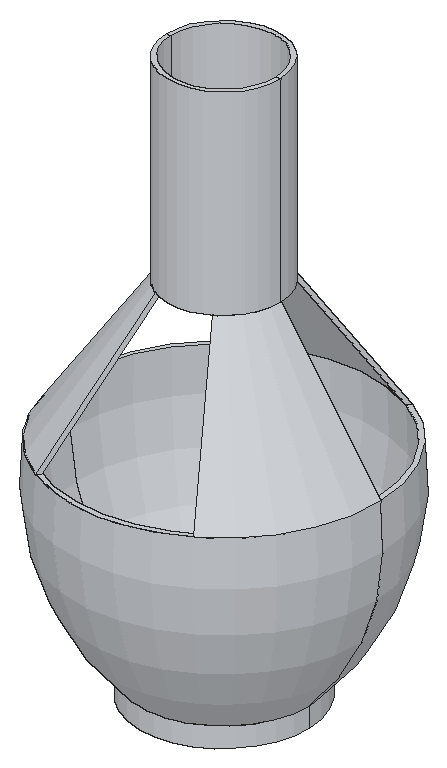
Revit family "MI-CAG", category Pipe Accessories, Revit 2018
Family settings
  Round Connector Dimension = Use Diameter
  Part Type = Normal
  Work Plane-Based = No
  Always vertical = Yes
  Cut with Voids When Loaded = No
  Shared = No
Parameters (values of type "MI-CAG-30NH")
  URL = "WWW.MIFAB.COM"
  Model = "MI-CAG"
  Manufacturer = "MIFAB"
  MI-CAG-30NH = yes
  MI-CAG-20T = no
  MI-CAG-20NH = no
  MI-CAG-15T = no
  MI-CAG-10T = no
  Description = "CAST IRON FIXED AIR GAP"
  B-OUTLET = 0' - 1"
  A-INLET = 0' - 0 3/4"
Types (6): name | URL | Model | Manufacturer | MI-CAG-30NH | MI-CAG-20T | MI-CAG-20NH | MI-CAG-15T | MI-CAG-10T | Description
  (no name) | "WWW.MIFAB.COM" | "MI-CAG" | "MIFAB" | yes | no | no | no | no | "CAST IRON FIXED AIR GAP"
  MI-CAG-10T | 0' - 0" | "MI-CAG-10T" | 0' - 0" | no | no | no | no | yes | 0' - 0"
  MI-CAG-15T | 0' - 0" | "MI-CAG-15T" | 0' - 0" | no | no | no | yes | no | 0' - 0"
  MI-CAG-20T | 0' - 0" | "MI-CAG-10T" | 0' - 0" | no | yes | no | no | no | 0' - 0"
  MI-CAG-20NH | 0' - 0" | "MI-CAG-10T" | 0' - 0" | no | no | yes | no | no | 0' - 0"
  MI-CAG-30NH | "WWW.MIFAB.COM" | "MI-CAG" | "MIFAB" | yes | no | no | no | no | "CAST IRON FIXED AIR GAP"
Reference planes (in)
  plane 1 "Center (Front/Back)": y = 0
  plane 2: z = 0
  plane 3 "Center (Left/Right)": x = 0
  plane 4: x = -0.375
  plane 5: x = 0.375
  plane 6: x = -0.5
  plane 7: x = 0.5
Lines and regions (in)
  model lines, not visible
    curve 1: line (1.54379, 0, 1.54416) -> (1.54379, 0, 2.04416)
    curve 2: line (1.54379, 0, 2.04416) -> (4.79379, 0, 2.04416)
    curve 3: line (4.79379, 0, 2.04416) -> (4.79379, 0, 1.54416)
Dimensions and locks (in)
  equal spacing: plane 4, plane 3 "Center (Left/Right)", plane 5
  "A-INLET": plane 4 to plane 5
  equal spacing: plane 7, plane 3 "Center (Left/Right)", plane 6
  "B-OUTLET": plane 7 to plane 6
  aligned and locked: level to plane 2
  aligned and locked: plane 1 "Center (Front/Back)" to nested 1
  aligned and locked: plane 3 "Center (Left/Right)" to nested 1
Nested families (in)
  nested 1: "MI-CAG-10T" at (0, 0, 0), visible <- "MI-CAG-10T", type "MI-CAG-10T"
  nested 2: "MI-CAG-15T" at (0, 0, 0), visible <- "MI-CAG-15T", type "MI-CAG-15T"
  nested 3: "MI-CAG-20NH" at (0, 0, 0), visible <- "MI-CAG-20NH", type "MI-CAG-20NH"
  nested 4: "MI-CAG-20T" at (0, 0, 0), visible <- "MI-CAG-20T", type "MI-CAG-20T"
  nested 5: "MI-CAG-30NH" at (0, 0, 0), visible <- "MI-CAG-30NH", type "MI-CAG-30NH"
Connectors (in)
  piping at (0, 0, 4.75), diameter 0.5
    settings: on nested 1, index 1, connector inside diameter 609.6 mm, connector length 0' - 0", flow factor 0, pipe flow 0.0 L/s, pressure drop 0.0 Pa, fitting loss kfactor 0, connector angle 0.00°, fixture units 0, engagement length 0' - 0", angle of deflection 0.00°, flow configuration 0, flow direction 0, fitting loss method 0, system type 7, joint type 0, gender type 0, connector reference index -1, connector utility 0, adjustable connector no, is connector primary yes, connector description ""
  piping at (0, 0, 0), diameter 1, driven by "B-OUTLET"
    settings: on nested 1, index 2, connector inside diameter 609.6 mm, connector length 0' - 0", flow factor 0, pipe flow 0.0 L/s, pressure drop 0.0 Pa, fitting loss kfactor 0, connector angle 0.00°, fixture units 0, engagement length 0' - 0", angle of deflection 0.00°, flow configuration 0, flow direction 0, fitting loss method 0, system type 7, joint type 0, gender type 0, connector reference index -1, connector utility 0, adjustable connector no, is connector primary no, connector description ""
  piping at (0, 0, 5.5), diameter 0.75
    settings: on nested 2, index 3, connector inside diameter 609.6 mm, connector length 0' - 0", flow factor 0, pipe flow 0.0 L/s, pressure drop 0.0 Pa, fitting loss kfactor 0, connector angle 0.00°, fixture units 0, engagement length 0' - 0", angle of deflection 0.00°, flow configuration 0, flow direction 0, fitting loss method 0, system type 7, joint type 0, gender type 0, connector reference index -1, connector utility 0, adjustable connector no, is connector primary no, connector description ""
  piping at (0, 0, 0), diameter 1.5
    settings: on nested 2, index 4, connector inside diameter 609.6 mm, connector length 0' - 0", flow factor 0, pipe flow 0.0 L/s, pressure drop 0.0 Pa, fitting loss kfactor 0, connector angle 0.00°, fixture units 0, engagement length 0' - 0", angle of deflection 0.00°, flow configuration 0, flow direction 0, fitting loss method 0, system type 7, joint type 0, gender type 0, connector reference index -1, connector utility 0, adjustable connector no, is connector primary no, connector description ""
  piping at (0, 0, 8), diameter 1
    settings: on nested 4, index 5, connector inside diameter 609.6 mm, connector length 0' - 0", flow factor 0, pipe flow 0.0 L/s, pressure drop 0.0 Pa, fitting loss kfactor 0, connector angle 0.00°, fixture units 0, engagement length 0' - 0", angle of deflection 0.00°, flow configuration 0, flow direction 0, fitting loss method 0, system type 7, joint type 0, gender type 0, connector reference index -1, connector utility 0, adjustable connector no, is connector primary no, connector description ""
  piping at (0, 0, 0), diameter 2
    settings: on nested 4, index 6, connector inside diameter 609.6 mm, connector length 0' - 0", flow factor 0, pipe flow 0.0 L/s, pressure drop 0.0 Pa, fitting loss kfactor 0, connector angle 0.00°, fixture units 0, engagement length 0' - 0", angle of deflection 0.00°, flow configuration 0, flow direction 0, fitting loss method 0, system type 7, joint type 0, gender type 0, connector reference index -1, connector utility 0, adjustable connector no, is connector primary no, connector description ""
  piping at (0, 0, 10), diameter 1.5
    settings: on nested 3, index 7, connector inside diameter 609.6 mm, connector length 0' - 0", flow factor 0, pipe flow 0.0 L/s, pressure drop 0.0 Pa, fitting loss kfactor 0, connector angle 0.00°, fixture units 0, engagement length 0' - 0", angle of deflection 0.00°, flow configuration 0, flow direction 0, fitting loss method 0, system type 7, joint type 0, gender type 0, connector reference index -1, connector utility 0, adjustable connector no, is connector primary no, connector description ""
  piping at (0, 0, 0), diameter 2
    settings: on nested 3, index 8, connector inside diameter 609.6 mm, connector length 0' - 0", flow factor 0, pipe flow 0.0 L/s, pressure drop 0.0 Pa, fitting loss kfactor 0, connector angle 0.00°, fixture units 0, engagement length 0' - 0", angle of deflection 0.00°, flow configuration 0, flow direction 0, fitting loss method 0, system type 7, joint type 0, gender type 0, connector reference index -1, connector utility 0, adjustable connector no, is connector primary no, connector description ""
  piping at (0, 0, 10), diameter 2
    settings: on nested 5, index 9, connector inside diameter 609.6 mm, connector length 0' - 0", flow factor 0, pipe flow 0.0 L/s, pressure drop 0.0 Pa, fitting loss kfactor 0, connector angle 0.00°, fixture units 0, engagement length 0' - 0", angle of deflection 0.00°, flow configuration 0, flow direction 0, fitting loss method 0, system type 7, joint type 0, gender type 0, connector reference index -1, connector utility 0, adjustable connector no, is connector primary no, connector description ""
  piping at (0, 0, 0), diameter 3
    settings: on nested 5, index 10, connector inside diameter 609.6 mm, connector length 0' - 0", flow factor 0, pipe flow 0.0 L/s, pressure drop 0.0 Pa, fitting loss kfactor 0, connector angle 0.00°, fixture units 0, engagement length 0' - 0", angle of deflection 0.00°, flow configuration 0, flow direction 0, fitting loss method 0, system type 7, joint type 0, gender type 0, connector reference index -1, connector utility 0, adjustable connector no, is connector primary no, connector description ""
Definition of nested family "MI-CAG-10T"
  Parameters (values of type "MI-CAG-10T")
    URL = "WWW.MIFAB.COM"
    N.P.T Outlet Pipe Size = 0' - 1"
    Model = "MI-CAG-10T"
    Manufacturer = "MIFAB"
    Inlet Top Height = 0' - 0.35433"
    Top Inlet Pipe Size = 0' - 0 1/2"
    E-Height = 0' - 2"
    Description = "CAST IRON FIXED AIR GAP"
    D-Total Height = 0' - 4 3/4"
    C-Diameter = 0' - 3 1/4"
  Reference planes (in)
    plane 1 "Center (Front/Back)": y = 0
    plane 2: z = 0
    plane 3 "Center (Left/Right)": x = 0
    plane 4: z = 4.75
    plane 5: z = 0.35433
    plane 6: z = 4.39567
    plane 7 "1": z = 2.39567
    plane 8: x = 0.5
    plane 9: x = -0.5
    plane 10: x = 0.4171
    plane 11: x = 0.25
    plane 12: x = -0.25
    plane 13: x = 0.16797
    plane 14: x = 1.625
    plane 15: x = 1.53968
    plane 16: x = -1.625
    plane 17: x = 1.625
    plane 18: x = -1.625
  Forms (in)
    Revolve 1, solid
      sketch origin (0, 0, 4.39567) x (1, 0, 0) y (0, 0, 1)
        loop
          line (0.16797, 0.35433) -> (0.16797, 0) -> (0.25, 0) -> (0.25, 0.35433) -> (0.16797, 0.35433)
        axis (0, 0) -> (0, 0.35433)
      angle from 0 to 360
    Revolve 2, solid
      sketch origin (0, 0, 0) x (1, 0, 0) y (0, 0, 1)
        loop
          arc (0.5, 0.35433) -> (1.36218, 1.20984) -> (1.625, 2.39567) r 2.15569
          line (1.625, 2.39567) -> (1.53968, 2.39567)
          arc (1.53968, 2.39567) -> (1.27737, 1.23252) -> (0.4171, 0.40689) r 2.07057
          line (0.4171, 0.40689) -> (0.4171, 0) -> (0.5, 0) -> (0.5, 0.35433)
        axis (0, 0) -> (0, 2.39567)
      angle from 0 to 360
    Revolve 3, solid
      sketch origin (0, 0, 4.79134) x (1, 0, 0) y (0, 0, -1)
        loop
          line (1.625, 2.39567) -> (1.53876, 2.39567) -> (0.16376, 0.39567) -> (0.25, 0.39567) -> (1.625, 2.39567)
        axis (0, 0.39567) -> (0, 2.39567)
      angle from 0 to -60
    Revolve 4, solid
      sketch origin (0, 0, 4.79134) x (-0.5, 0.866025, 0) y (0, 0, 1)
        loop
          line (1.625, -2.39567) -> (0.25, -0.39567) -> (0.16376, -0.39567) -> (1.53876, -2.39567) -> (1.625, -2.39567)
        axis (0, -0.39567) -> (0, -2.39567)
      angle from 0 to -60
    Revolve 5, solid
      sketch origin (0, 0, 4.79134) x (-0.5, -0.866025, 0) y (0, 0, 1)
        loop
          line (1.625, -2.39567) -> (0.25, -0.39567) -> (0.16376, -0.39567) -> (1.53876, -2.39567) -> (1.625, -2.39567)
        axis (0, -0.39567) -> (0, -2.39567)
      angle from 0 to -60
  Lines and regions (in)
    model lines, not visible
      curve 1: line (1.54379, 0, 1.54416) -> (1.54379, 0, 2.04416)
      curve 2: line (1.54379, 0, 2.04416) -> (4.79379, 0, 2.04416)
      curve 3: line (4.79379, 0, 2.04416) -> (4.79379, 0, 1.54416)
  Dimensions and locks (in)
    plane 4 to level = 0' - 4 3/4"
    plane 5 to plane 2 = 0' - 0.35433"
    "Inlet Top Height": plane 4 to plane 6
    locked: plane 5 to level at 0.35433
    equal spacing: plane 9, plane 3 "Center (Left/Right)", plane 8
    "N.P.T Outlet Pipe Size": plane 9 to plane 8
    locked: plane 8 to plane 10 at 0.0829
    equal spacing: plane 12, plane 3 "Center (Left/Right)", plane 11
    "Top Inlet Pipe Size": plane 12 to plane 11
    locked: plane 13 to plane 11 at 0.08203
    "E-Height": plane 6 to plane 7 "1"
    locked: plane 15 to plane 14 at 0.08532
    equal spacing: plane 14, plane 3 "Center (Left/Right)", plane 16
    "C-Diameter": plane 14 to plane 16
    equal spacing: plane 18, plane 3 "Center (Left/Right)", plane 17
    "C-Diameter": plane 17 to plane 18
    "D-Total Height": plane 4 to plane 2
    aligned and locked: level to plane 2
    aligned and locked: plane 2 to Revolve 2 sketch curve
    aligned and locked: Revolve 2 sketch curve to plane 8
    aligned and locked: plane 10 to Revolve 2 sketch curve
    aligned and locked: plane 13 to Revolve 1 sketch curve
    aligned and locked: plane 11 to Revolve 1 sketch curve
    aligned and locked: Revolve 1 sketch curve to plane 4
    aligned and locked: plane 6 to Revolve 1 sketch curve
    aligned and locked: Revolve 2 sketch curve to plane 7 "1"
    aligned and locked: plane 14 to Revolve 2 sketch curve
    aligned and locked: plane 15 to Revolve 2 sketch curve
    aligned and locked: plane 11 to Revolve 3 sketch curve
    aligned and locked: plane 17 to Revolve 3 sketch curve
    aligned and locked: plane 7 "1" to Revolve 3 sketch curve
  Automatic sketch dimensions
    Revolve 1 sketch curve to plane 3 "Center (Left/Right)" = 0' - 0"
    Revolve 1 sketch curve to plane 4 = 0' - 0.04325"
    plane 4 to Revolve 1 sketch curve = 0' - 0.20675"
    Revolve 3 sketch curve to plane 3 "Center (Left/Right)" = 0' - 0"
    Revolve 3 sketch curve to plane 6 = 0' - 0"
    Revolve 3 sketch curve to plane 11 = 0' - 0.08624"
    plane 17 to Revolve 3 sketch curve = 0' - 0.08624"
    level to Revolve 3 sketch curve = 0' - 0.85433"
    Revolve 3 sketch curve to Revolve 3 sketch curve = 0' - 0 1/2"
    plane 6 to Revolve 4 sketch curve = 0' - 0"
    plane 7 "1" to Revolve 4 sketch curve = 0' - 0"
    Revolve 4 sketch curve to Revolve 4 sketch curve = 0' - 0.08624"  (x2)
    Revolve 4 sketch curve to Revolve 4 sketch curve = 0' - 1.28876"
    Revolve 4 sketch curve to level = 0' - 0.85433"
    Revolve 4 sketch curve to Revolve 4 sketch curve = 0' - 1.53876"
    Revolve 4 sketch curve to Revolve 4 sketch curve = 0' - 0 1/2"
    plane 6 to Revolve 5 sketch curve = 0' - 0"
    plane 7 "1" to Revolve 5 sketch curve = 0' - 0"
    Revolve 5 sketch curve to Revolve 5 sketch curve = 0' - 0.08624"  (x2)
    Revolve 5 sketch curve to Revolve 5 sketch curve = 0' - 1.28876"
    Revolve 5 sketch curve to level = 0' - 0.85433"
    Revolve 5 sketch curve to Revolve 5 sketch curve = 0' - 1.53876"
    Revolve 5 sketch curve to Revolve 5 sketch curve = 0' - 0 1/2"
    Revolve 2 sketch curve to Revolve 2 sketch curve = 0' - 0"  (x2)
    Revolve 2 sketch curve to plane 3 "Center (Left/Right)" = 0' - 0"
    Revolve 2 sketch curve to plane 5 = 0' - 0"
    plane 9 to Revolve 2 sketch curve = 0' - 0.02578"
    plane 4 to Revolve 2 sketch curve = 0' - 0.89567"
    Revolve 2 sketch curve to Revolve 2 sketch curve = 0' - 0 1/2"
  Connectors (in)
    piping at (0, 0, 4.75), diameter 0.5, driven by "Top Inlet Pipe Size"
      settings: on Revolve 1, index 1, connector inside diameter 609.6 mm, connector length 0' - 0", flow factor 0, pipe flow 0.0 L/s, pressure drop 0.0 Pa, fitting loss kfactor 0, connector angle 0.00°, fixture units 0, engagement length 0' - 0", angle of deflection 0.00°, flow configuration 0, flow direction 0, fitting loss method 0, system type 7, joint type 0, gender type 0, connector reference index -1, connector utility 0, adjustable connector no, is connector primary yes, connector description ""
    piping at (0, 0, 0), diameter 1, driven by "N.P.T Outlet Pipe Size"
      settings: on Revolve 2, index 2, connector inside diameter 609.6 mm, connector length 0' - 0", flow factor 0, pipe flow 0.0 L/s, pressure drop 0.0 Pa, fitting loss kfactor 0, connector angle 0.00°, fixture units 0, engagement length 0' - 0", angle of deflection 0.00°, flow configuration 0, flow direction 0, fitting loss method 0, system type 7, joint type 0, gender type 0, connector reference index -1, connector utility 0, adjustable connector no, is connector primary no, connector description ""
Definition of nested family "MI-CAG-15T"
  Parameters (values of type "MI-CAG-15T")
    URL = "WWW.MIFAB.COM"
    N.P.T Outlet Pipe Size = 0' - 1 1/2"
    Model = "MI-CAG-15T"
    Manufacturer = "MIFAB"
    Inlet Top Height = 0' - 0.35433"
    Description = "CAST IRON FIXED AIR GAP"
    A-Top Inlet Pipe Size = 0' - 0 3/4"
    E-Height = 0' - 2 1/4"
    D-Total Height = 0' - 5 1/2"
    C-Diameter = 0' - 4 1/4"
  Reference planes (in)
    plane 1 "Center (Front/Back)": y = 0
    plane 2: z = 0
    plane 3 "Center (Left/Right)": x = 0
    plane 4: z = 5.5
    plane 5: z = 0.35433
    plane 6: z = 5.14567
    plane 7 "1": z = 2.89567
    plane 8: x = 0.75
    plane 9: x = -0.75
    plane 10: x = 0.6671
    plane 11: x = 0.375
    plane 12: x = -0.375
    plane 13: x = 0.29297
    plane 14: x = 2.125
    plane 15: x = 2.03968
    plane 16: x = -2.125
    plane 17: x = 2.125
    plane 18: x = -2.125
  Forms (in)
    Revolve 1, solid
      sketch origin (0, 0, 4.39567) x (1, 0, 0) y (0, 0, 1)
        loop
          line (0.29297, 1.10433) -> (0.29297, 0.75) -> (0.375, 0.75) -> (0.375, 1.10433) -> (0.29297, 1.10433)
        axis (0, 0.75) -> (0, 1.10433)
      angle from 0 to 360
    Revolve 2, solid
      sketch origin (0, 0, 0) x (1, 0, 0) y (0, 0, 1)
        loop
          arc (0.75, 0.35433) -> (1.77632, 1.44168) -> (2.125, 2.89567) r 2.9017
          line (2.125, 2.89567) -> (2.03968, 2.89567)
          arc (2.03968, 2.89567) -> (1.69115, 1.46368) -> (0.6671, 0.40377) r 2.81641
          line (0.6671, 0.40377) -> (0.6671, 0) -> (0.75, 0) -> (0.75, 0.35433)
        axis (0, 0) -> (0, 2.89567)
      angle from 0 to 360
    Revolve 3, solid
      sketch origin (0, 0, 4.79134) x (1, 0, 0) y (0, 0, -1)
        loop
          line (2.125, 1.89567) -> (2.03876, 1.89567) -> (0.28876, -0.35433) -> (0.375, -0.35433) -> (2.125, 1.89567)
        axis (0, -0.35433) -> (0, 1.89567)
      angle from 0 to -70
    Revolve 4, solid
      sketch origin (0, 0, 4.79134) x (-0.5, 0.866025, 0) y (0, 0, 1)
        loop
          line (2.125, -1.89567) -> (0.375, 0.35433) -> (0.28876, 0.35433) -> (2.03876, -1.89567) -> (2.125, -1.89567)
        axis (0, 0.35433) -> (0, -1.89567)
      angle from 0 to -70
    Revolve 5, solid
      sketch origin (0, 0, 4.79134) x (-0.5, -0.866025, 0) y (0, 0, 1)
        loop
          line (2.125, -1.89567) -> (0.375, 0.35433) -> (0.28876, 0.35433) -> (2.03876, -1.89567) -> (2.125, -1.89567)
        axis (0, 0.35433) -> (0, -1.89567)
      angle from 0 to -70
  Lines and regions (in)
    model lines, not visible
      curve 1: line (1.54379, 0, 1.54416) -> (1.54379, 0, 2.04416)
      curve 2: line (1.54379, 0, 2.04416) -> (4.79379, 0, 2.04416)
      curve 3: line (4.79379, 0, 2.04416) -> (4.79379, 0, 1.54416)
  Dimensions and locks (in)
    plane 4 to level = 0' - 5 1/2"
    plane 5 to plane 2 = 0' - 0.35433"
    "Inlet Top Height": plane 4 to plane 6
    locked: plane 5 to level at 0.35433
    equal spacing: plane 9, plane 3 "Center (Left/Right)", plane 8
    "N.P.T Outlet Pipe Size": plane 9 to plane 8
    locked: plane 8 to plane 10 at 0.0829
    equal spacing: plane 12, plane 3 "Center (Left/Right)", plane 11
    "A-Top Inlet Pipe Size": plane 12 to plane 11
    locked: plane 13 to plane 11 at 0.08203
    "E-Height": plane 6 to plane 7 "1"
    locked: plane 15 to plane 14 at 0.08532
    equal spacing: plane 14, plane 3 "Center (Left/Right)", plane 16
    "C-Diameter": plane 14 to plane 16
    equal spacing: plane 18, plane 3 "Center (Left/Right)", plane 17
    "C-Diameter": plane 17 to plane 18
    "D-Total Height": plane 4 to plane 2
    aligned and locked: level to plane 2
    aligned and locked: plane 2 to Revolve 2 sketch curve
    aligned and locked: Revolve 2 sketch curve to plane 8
    aligned and locked: plane 10 to Revolve 2 sketch curve
    aligned and locked: Revolve 1 sketch curve to plane 13
    aligned and locked: plane 11 to Revolve 1 sketch curve
    aligned and locked: Revolve 1 sketch curve to plane 4
    aligned and locked: plane 6 to Revolve 1 sketch curve
    aligned and locked: Revolve 2 sketch curve to plane 7 "1"
    aligned and locked: Revolve 2 sketch curve to plane 14
    aligned and locked: Revolve 2 sketch curve to plane 15
    aligned and locked: plane 11 to Revolve 3 sketch curve
    aligned and locked: plane 17 to Revolve 3 sketch curve
    aligned and locked: plane 7 "1" to Revolve 3 sketch curve
  Automatic sketch dimensions
    Revolve 1 sketch curve to plane 3 "Center (Left/Right)" = 0' - 0"
    Revolve 1 sketch curve to plane 4 = 0' - 0.04325"
    plane 4 to Revolve 1 sketch curve = 0' - 0.20675"
    Revolve 3 sketch curve to plane 3 "Center (Left/Right)" = 0' - 0"
    Revolve 3 sketch curve to plane 6 = 0' - 0"
    Revolve 3 sketch curve to plane 11 = 0' - 0.08624"
    plane 17 to Revolve 3 sketch curve = 0' - 0.08624"
    level to Revolve 3 sketch curve = 0' - 0.85433"
    Revolve 3 sketch curve to Revolve 3 sketch curve = 0' - 0 1/2"
    plane 6 to Revolve 4 sketch curve = 0' - 0"
    plane 7 "1" to Revolve 4 sketch curve = 0' - 0"
    Revolve 4 sketch curve to Revolve 4 sketch curve = 0' - 0.08624"  (x2)
    Revolve 4 sketch curve to Revolve 4 sketch curve = 0' - 1.66376"
    Revolve 4 sketch curve to level = 0' - 0.85433"
    Revolve 4 sketch curve to Revolve 4 sketch curve = 0' - 2.03876"
    Revolve 4 sketch curve to Revolve 4 sketch curve = 0' - 0 1/2"
    plane 6 to Revolve 5 sketch curve = 0' - 0"
    plane 7 "1" to Revolve 5 sketch curve = 0' - 0"
    Revolve 5 sketch curve to Revolve 5 sketch curve = 0' - 0.08624"  (x2)
    Revolve 5 sketch curve to Revolve 5 sketch curve = 0' - 1.66376"
    Revolve 5 sketch curve to level = 0' - 0.85433"
    Revolve 5 sketch curve to Revolve 5 sketch curve = 0' - 2.03876"
    Revolve 5 sketch curve to Revolve 5 sketch curve = 0' - 0 1/2"
    Revolve 2 sketch curve to Revolve 2 sketch curve = 0' - 0"  (x2)
    Revolve 2 sketch curve to plane 3 "Center (Left/Right)" = 0' - 0"
    Revolve 2 sketch curve to plane 5 = 0' - 0"
    plane 9 to Revolve 2 sketch curve = 0' - 0.02578"
    plane 4 to Revolve 2 sketch curve = 0' - 0.89567"
    Revolve 2 sketch curve to Revolve 2 sketch curve = 0' - 0 1/2"
  Connectors (in)
    piping at (0, 0, 5.5), diameter 0.75, driven by "A-Top Inlet Pipe Size"
      settings: on Revolve 1, index 1, connector inside diameter 609.6 mm, connector length 0' - 0", flow factor 0, pipe flow 0.0 L/s, pressure drop 0.0 Pa, fitting loss kfactor 0, connector angle 0.00°, fixture units 0, engagement length 0' - 0", angle of deflection 0.00°, flow configuration 0, flow direction 0, fitting loss method 0, system type 7, joint type 0, gender type 0, connector reference index -1, connector utility 0, adjustable connector no, is connector primary yes, connector description ""
    piping at (0, 0, 0), diameter 1.5, driven by "N.P.T Outlet Pipe Size"
      settings: on Revolve 2, index 2, connector inside diameter 609.6 mm, connector length 0' - 0", flow factor 0, pipe flow 0.0 L/s, pressure drop 0.0 Pa, fitting loss kfactor 0, connector angle 0.00°, fixture units 0, engagement length 0' - 0", angle of deflection 0.00°, flow configuration 0, flow direction 0, fitting loss method 0, system type 7, joint type 0, gender type 0, connector reference index -1, connector utility 0, adjustable connector no, is connector primary no, connector description ""
Definition of nested family "MI-CAG-20NH"
  Parameters (values of type "MI-CAG-10T")
    URL = "WWW.MIFAB.COM"
    N.P.T Outlet Pipe Size = 0' - 2"
    Model = "MI-CAG-20NH"
    Manufacturer = "MIFAB"
    Inlet Top Height = 0' - 3 1/2"
    Description = "CAST IRON FIXED AIR GAP"
    A-Top Inlet Pipe Size = 0' - 1 1/2"
    E-Height = 0' - 2 1/2"
    D-Total Height = 0' - 10"
    C-Diameter = 0' - 5 1/2"
  Reference planes (in)
    plane 1 "Center (Front/Back)": y = 0
    plane 2: z = 0
    plane 3 "Center (Left/Right)": x = 0
    plane 4: z = 10
    plane 5: z = 0.35433
    plane 6: z = 6.5
    plane 7 "1": z = 4
    plane 8: x = 1
    plane 9: x = -1
    plane 10: x = 0.9171
    plane 11: x = 0.75
    plane 12: x = -0.75
    plane 13: x = 0.66797
    plane 14: x = 2.75
    plane 15: x = 2.66468
    plane 16: x = -2.75
    plane 17: x = 2.75
    plane 18: x = -2.75
  Forms (in)
    Revolve 1, solid
      sketch origin (0, 0, 4.39567) x (1, 0, 0) y (0, 0, 1)
        loop
          line (0.66797, 5.60433) -> (0.66797, 2.10433) -> (0.75, 2.10433) -> (0.75, 5.60433) -> (0.66797, 5.60433)
        axis (0, 2.10433) -> (0, 5.60433)
      angle from 0 to 360
    Revolve 2, solid
      sketch origin (0, 0, 0) x (1, 0, 0) y (0, 0, 1)
        loop
          arc (1, 0.35433) -> (2.40019, 1.92506) -> (2.75, 4) r 3.80023
          line (2.75, 4) -> (2.66468, 4)
          arc (2.66468, 4) -> (2.31622, 1.9461) -> (0.9171, 0.4026) r 3.71547
          line (0.9171, 0.4026) -> (0.9171, 0) -> (1, 0) -> (1, 0.35433)
        axis (0, 0) -> (0, 4)
      angle from 0 to 360
    Revolve 3, solid
      sketch origin (0, 0, 4.79134) x (1, 0, 0) y (0, 0, -1)
        loop
          line (2.75, 0.79134) -> (2.66376, 0.79134) -> (0.66376, -1.70866) -> (0.75, -1.70866) -> (2.75, 0.79134)
        axis (0, -1.70866) -> (0, 0.79134)
      angle from 0 to -55
    Revolve 4, solid
      sketch origin (0, 0, 4.79134) x (-0.5, 0.866025, 0) y (0, 0, 1)
        loop
          line (2.75, -0.79134) -> (0.75, 1.70866) -> (0.66376, 1.70866) -> (2.66376, -0.79134) -> (2.75, -0.79134)
        axis (0, 1.70866) -> (0, -0.79134)
      angle from 0 to -55
    Revolve 5, solid
      sketch origin (0, 0, 4.79134) x (-0.5, -0.866025, 0) y (0, 0, 1)
        loop
          line (2.75, -0.79134) -> (0.75, 1.70866) -> (0.66376, 1.70866) -> (2.66376, -0.79134) -> (2.75, -0.79134)
        axis (0, 1.70866) -> (0, -0.79134)
      angle from 0 to -55
  Lines and regions (in)
    model lines, not visible
      curve 1: line (1.54379, 0, 1.54416) -> (1.54379, 0, 2.04416)
      curve 2: line (1.54379, 0, 2.04416) -> (4.79379, 0, 2.04416)
      curve 3: line (4.79379, 0, 2.04416) -> (4.79379, 0, 1.54416)
  Dimensions and locks (in)
    plane 5 to plane 2 = 0' - 0.35433"
    "Inlet Top Height": plane 4 to plane 6
    locked: plane 5 to level at 0.35433
    equal spacing: plane 9, plane 3 "Center (Left/Right)", plane 8
    "N.P.T Outlet Pipe Size": plane 9 to plane 8
    locked: plane 8 to plane 10 at 0.0829
    equal spacing: plane 12, plane 3 "Center (Left/Right)", plane 11
    "A-Top Inlet Pipe Size": plane 12 to plane 11
    locked: plane 13 to plane 11 at 0.08203
    "E-Height": plane 6 to plane 7 "1"
    locked: plane 15 to plane 14 at 0.08532
    equal spacing: plane 14, plane 3 "Center (Left/Right)", plane 16
    "C-Diameter": plane 14 to plane 16
    equal spacing: plane 18, plane 3 "Center (Left/Right)", plane 17
    "C-Diameter": plane 17 to plane 18
    plane 4 to plane 2 = 0' - 10"
    plane 7 "1" to level = 0' - 4"
    aligned and locked: level to plane 2
    aligned and locked: plane 2 to Revolve 2 sketch curve
    aligned and locked: Revolve 2 sketch curve to plane 8
    aligned and locked: plane 10 to Revolve 2 sketch curve
    aligned and locked: Revolve 1 sketch curve to plane 13
    aligned and locked: Revolve 1 sketch curve to plane 11
    aligned and locked: Revolve 1 sketch curve to plane 4
    aligned and locked: plane 6 to Revolve 1 sketch curve
    aligned and locked: Revolve 2 sketch curve to plane 7 "1"
    aligned and locked: Revolve 2 sketch curve to plane 14
    aligned and locked: Revolve 2 sketch curve to plane 15
    aligned and locked: Revolve 3 sketch curve to plane 11
    aligned and locked: plane 17 to Revolve 3 sketch curve
    aligned and locked: plane 7 "1" to Revolve 3 sketch curve
  Automatic sketch dimensions
    Revolve 1 sketch curve to plane 3 "Center (Left/Right)" = 0' - 0"
    Revolve 1 sketch curve to plane 4 = 0' - 0.04325"
    plane 4 to Revolve 1 sketch curve = 0' - 0.20675"
    Revolve 3 sketch curve to plane 3 "Center (Left/Right)" = 0' - 0"
    Revolve 3 sketch curve to plane 6 = 0' - 0"
    Revolve 3 sketch curve to plane 11 = 0' - 0.08624"
    plane 17 to Revolve 3 sketch curve = 0' - 0.08624"
    level to Revolve 3 sketch curve = 0' - 0.85433"
    Revolve 3 sketch curve to Revolve 3 sketch curve = 0' - 0 1/2"
    plane 6 to Revolve 4 sketch curve = 0' - 0"
    plane 7 "1" to Revolve 4 sketch curve = 0' - 0"
    Revolve 4 sketch curve to Revolve 4 sketch curve = 0' - 0.08624"  (x2)
    Revolve 4 sketch curve to Revolve 4 sketch curve = 0' - 1.91376"
    Revolve 4 sketch curve to level = 0' - 0.85433"
    Revolve 4 sketch curve to Revolve 4 sketch curve = 0' - 2.66376"
    Revolve 4 sketch curve to Revolve 4 sketch curve = 0' - 0 1/2"
    plane 6 to Revolve 5 sketch curve = 0' - 0"
    plane 7 "1" to Revolve 5 sketch curve = 0' - 0"
    Revolve 5 sketch curve to Revolve 5 sketch curve = 0' - 0.08624"  (x2)
    Revolve 5 sketch curve to Revolve 5 sketch curve = 0' - 1.91376"
    Revolve 5 sketch curve to level = 0' - 0.85433"
    Revolve 5 sketch curve to Revolve 5 sketch curve = 0' - 2.66376"
    Revolve 5 sketch curve to Revolve 5 sketch curve = 0' - 0 1/2"
    Revolve 2 sketch curve to Revolve 2 sketch curve = 0' - 0"  (x2)
    Revolve 2 sketch curve to plane 3 "Center (Left/Right)" = 0' - 0"
    Revolve 2 sketch curve to plane 5 = 0' - 0"
    plane 9 to Revolve 2 sketch curve = 0' - 0.02578"
    plane 4 to Revolve 2 sketch curve = 0' - 0.89567"
    Revolve 2 sketch curve to Revolve 2 sketch curve = 0' - 0 1/2"
  Connectors (in)
    piping at (0, 0, 10), diameter 1.5, driven by "A-Top Inlet Pipe Size"
      settings: on Revolve 1, index 1, connector inside diameter 609.6 mm, connector length 0' - 0", flow factor 0, pipe flow 0.0 L/s, pressure drop 0.0 Pa, fitting loss kfactor 0, connector angle 0.00°, fixture units 0, engagement length 0' - 0", angle of deflection 0.00°, flow configuration 0, flow direction 0, fitting loss method 0, system type 7, joint type 0, gender type 0, connector reference index -1, connector utility 0, adjustable connector no, is connector primary yes, connector description ""
    piping at (0, 0, 0), diameter 2, driven by "N.P.T Outlet Pipe Size"
      settings: on Revolve 2, index 2, connector inside diameter 609.6 mm, connector length 0' - 0", flow factor 0, pipe flow 0.0 L/s, pressure drop 0.0 Pa, fitting loss kfactor 0, connector angle 0.00°, fixture units 0, engagement length 0' - 0", angle of deflection 0.00°, flow configuration 0, flow direction 0, fitting loss method 0, system type 7, joint type 0, gender type 0, connector reference index -1, connector utility 0, adjustable connector no, is connector primary no, connector description ""
Definition of nested family "MI-CAG-20T"
  Parameters (values of type "MI-CAG-10T")
    URL = "WWW.MIFAB.COM"
    N.P.T Outlet Pipe Size = 0' - 2"
    Model = "MI-CAG-20T"
    Manufacturer = "MIFAB"
    Inlet Top Height = 0' - 0.35433"
    Description = "CAST IRON FIXED AIR GAP"
    A-Top Inlet Pipe Size = 0' - 1"
    E-Height = 0' - 4"
    D-Total Height = 0' - 8"
    C-Diameter = 0' - 4 1/4"
  Reference planes (in)
    plane 1 "Center (Front/Back)": y = 0
    plane 2: z = 0
    plane 3 "Center (Left/Right)": x = 0
    plane 4: z = 8
    plane 5: z = 0.35433
    plane 6: z = 7.64567
    plane 7 "1": z = 3.64567
    plane 8: x = 1
    plane 9: x = -1
    plane 10: x = 0.9171
    plane 11: x = 0.5
    plane 12: x = -0.5
    plane 13: x = 0.41797
    plane 14: x = 2.125
    plane 15: x = 2.03968
    plane 16: x = -2.125
    plane 17: x = 2.125
    plane 18: x = -2.125
  Forms (in)
    Revolve 1, solid
      sketch origin (0, 0, 4.39567) x (1, 0, 0) y (0, 0, 1)
        loop
          line (0.41797, 3.60433) -> (0.41797, 3.25) -> (0.5, 3.25) -> (0.5, 3.60433) -> (0.41797, 3.60433)
        axis (0, 3.25) -> (0, 3.60433)
      angle from 0 to 360
    Revolve 2, solid
      sketch origin (0, 0, 0) x (1, 0, 0) y (0, 0, 1)
        loop
          arc (1, 0.35433) -> (2.04137, 1.83632) -> (2.125, 3.64567) r 3.24137
          line (2.125, 3.64567) -> (2.03968, 3.64567)
          arc (2.03968, 3.64567) -> (1.95976, 1.85385) -> (0.9171, 0.39444) r 3.1585
          line (0.9171, 0.39444) -> (0.9171, 0) -> (1, 0) -> (1, 0.35433)
        axis (0, 0) -> (0, 3.64567)
      angle from 0 to 360
    Revolve 3, solid
      sketch origin (0, 0, 4.79134) x (1, 0, 0) y (0, 0, -1)
        loop
          line (2.125, 1.14567) -> (2.03876, 1.14567) -> (0.41376, -2.85433) -> (0.5, -2.85433) -> (2.125, 1.14567)
        axis (0, -2.85433) -> (0, 1.14567)
      angle from 0 to -55
    Revolve 4, solid
      sketch origin (0, 0, 4.79134) x (-0.5, 0.866025, 0) y (0, 0, 1)
        loop
          line (2.125, -1.14567) -> (0.5, 2.85433) -> (0.41376, 2.85433) -> (2.03876, -1.14567) -> (2.125, -1.14567)
        axis (0, 2.85433) -> (0, -1.14567)
      angle from 0 to -55
    Revolve 5, solid
      sketch origin (0, 0, 4.79134) x (-0.5, -0.866025, 0) y (0, 0, 1)
        loop
          line (2.125, -1.14567) -> (0.5, 2.85433) -> (0.41376, 2.85433) -> (2.03876, -1.14567) -> (2.125, -1.14567)
        axis (0, 2.85433) -> (0, -1.14567)
      angle from 0 to -55
  Lines and regions (in)
    model lines, not visible
      curve 1: line (1.54379, 0, 1.54416) -> (1.54379, 0, 2.04416)
      curve 2: line (1.54379, 0, 2.04416) -> (4.79379, 0, 2.04416)
      curve 3: line (4.79379, 0, 2.04416) -> (4.79379, 0, 1.54416)
  Dimensions and locks (in)
    plane 5 to plane 2 = 0' - 0.35433"
    "Inlet Top Height": plane 4 to plane 6
    locked: plane 5 to level at 0.35433
    equal spacing: plane 9, plane 3 "Center (Left/Right)", plane 8
    "N.P.T Outlet Pipe Size": plane 9 to plane 8
    locked: plane 8 to plane 10 at 0.0829
    equal spacing: plane 12, plane 3 "Center (Left/Right)", plane 11
    "A-Top Inlet Pipe Size": plane 12 to plane 11
    locked: plane 13 to plane 11 at 0.08203
    "E-Height": plane 6 to plane 7 "1"
    locked: plane 15 to plane 14 at 0.08532
    equal spacing: plane 14, plane 3 "Center (Left/Right)", plane 16
    "C-Diameter": plane 14 to plane 16
    equal spacing: plane 18, plane 3 "Center (Left/Right)", plane 17
    "C-Diameter": plane 17 to plane 18
    "D-Total Height": plane 4 to plane 2
    aligned and locked: level to plane 2
    aligned and locked: plane 2 to Revolve 2 sketch curve
    aligned and locked: Revolve 2 sketch curve to plane 8
    aligned and locked: plane 10 to Revolve 2 sketch curve
    aligned and locked: Revolve 1 sketch curve to plane 13
    aligned and locked: Revolve 1 sketch curve to plane 11
    aligned and locked: Revolve 1 sketch curve to plane 4
    aligned and locked: plane 6 to Revolve 1 sketch curve
    aligned and locked: Revolve 2 sketch curve to plane 7 "1"
    aligned and locked: Revolve 2 sketch curve to plane 14
    aligned and locked: Revolve 2 sketch curve to plane 15
    aligned and locked: Revolve 3 sketch curve to plane 11
    aligned and locked: plane 17 to Revolve 3 sketch curve
    aligned and locked: plane 7 "1" to Revolve 3 sketch curve
  Automatic sketch dimensions
    Revolve 1 sketch curve to plane 3 "Center (Left/Right)" = 0' - 0"
    Revolve 1 sketch curve to plane 4 = 0' - 0.04325"
    plane 4 to Revolve 1 sketch curve = 0' - 0.20675"
    Revolve 3 sketch curve to plane 3 "Center (Left/Right)" = 0' - 0"
    Revolve 3 sketch curve to plane 6 = 0' - 0"
    Revolve 3 sketch curve to plane 11 = 0' - 0.08624"
    plane 17 to Revolve 3 sketch curve = 0' - 0.08624"
    level to Revolve 3 sketch curve = 0' - 0.85433"
    Revolve 3 sketch curve to Revolve 3 sketch curve = 0' - 0 1/2"
    plane 6 to Revolve 4 sketch curve = 0' - 0"
    plane 7 "1" to Revolve 4 sketch curve = 0' - 0"
    Revolve 4 sketch curve to Revolve 4 sketch curve = 0' - 0.08624"  (x2)
    Revolve 4 sketch curve to Revolve 4 sketch curve = 0' - 1.53876"
    Revolve 4 sketch curve to level = 0' - 0.85433"
    Revolve 4 sketch curve to Revolve 4 sketch curve = 0' - 2.03876"
    Revolve 4 sketch curve to Revolve 4 sketch curve = 0' - 0 1/2"
    plane 6 to Revolve 5 sketch curve = 0' - 0"
    plane 7 "1" to Revolve 5 sketch curve = 0' - 0"
    Revolve 5 sketch curve to Revolve 5 sketch curve = 0' - 0.08624"  (x2)
    Revolve 5 sketch curve to Revolve 5 sketch curve = 0' - 1.53876"
    Revolve 5 sketch curve to level = 0' - 0.85433"
    Revolve 5 sketch curve to Revolve 5 sketch curve = 0' - 2.03876"
    Revolve 5 sketch curve to Revolve 5 sketch curve = 0' - 0 1/2"
    Revolve 2 sketch curve to Revolve 2 sketch curve = 0' - 0"  (x2)
    Revolve 2 sketch curve to plane 3 "Center (Left/Right)" = 0' - 0"
    Revolve 2 sketch curve to plane 5 = 0' - 0"
    plane 9 to Revolve 2 sketch curve = 0' - 0.02578"
    plane 4 to Revolve 2 sketch curve = 0' - 0.89567"
    Revolve 2 sketch curve to Revolve 2 sketch curve = 0' - 0 1/2"
  Connectors (in)
    piping at (0, 0, 8), diameter 1, driven by "A-Top Inlet Pipe Size"
      settings: on Revolve 1, index 1, connector inside diameter 609.6 mm, connector length 0' - 0", flow factor 0, pipe flow 0.0 L/s, pressure drop 0.0 Pa, fitting loss kfactor 0, connector angle 0.00°, fixture units 0, engagement length 0' - 0", angle of deflection 0.00°, flow configuration 0, flow direction 0, fitting loss method 0, system type 7, joint type 0, gender type 0, connector reference index -1, connector utility 0, adjustable connector no, is connector primary yes, connector description ""
    piping at (0, 0, 0), diameter 2, driven by "N.P.T Outlet Pipe Size"
      settings: on Revolve 2, index 2, connector inside diameter 609.6 mm, connector length 0' - 0", flow factor 0, pipe flow 0.0 L/s, pressure drop 0.0 Pa, fitting loss kfactor 0, connector angle 0.00°, fixture units 0, engagement length 0' - 0", angle of deflection 0.00°, flow configuration 0, flow direction 0, fitting loss method 0, system type 7, joint type 0, gender type 0, connector reference index -1, connector utility 0, adjustable connector no, is connector primary no, connector description ""
Definition of nested family "MI-CAG-30NH"
  Parameters (values of type "MI-CAG-10T")
    URL = "WWW.MIFAB.COM"
    N.P.T Outlet Pipe Size = 0' - 3"
    Model = "MI-CAG-30NH"
    Manufacturer = "MIFAB"
    Inlet Top Height = 0' - 3 1/2"
    Description = "CAST IRON FIXED AIR GAP"
    A-Top Inlet Pipe Size = 0' - 2"
    E-Height = 0' - 2 1/2"
    D-Total Height = 0' - 10"
    C-Diameter = 0' - 5 1/2"
  Reference planes (in)
    plane 1 "Center (Front/Back)": y = 0
    plane 2: z = 0
    plane 3 "Center (Left/Right)": x = 0
    plane 4: z = 10
    plane 5: z = 0.35433
    plane 6: z = 6.5
    plane 7 "1": z = 4
    plane 8: x = 1.5
    plane 9: x = -1.5
    plane 10: x = 1.4171
    plane 11: x = 1
    plane 12: x = -1
    plane 13: x = 0.91797
    plane 14: x = 2.75
    plane 15: x = 2.66468
    plane 16: x = -2.75
    plane 17: x = 2.75
    plane 18: x = -2.75
  Forms (in)
    Revolve 1, solid
      sketch origin (0, 0, 4.39567) x (1, 0, 0) y (0, 0, 1)
        loop
          line (0.91797, 5.60433) -> (0.91797, 2.10433) -> (1, 2.10433) -> (1, 5.60433) -> (0.91797, 5.60433)
        axis (0, 2.10433) -> (0, 5.60433)
      angle from 0 to 360
    Revolve 2, solid
      sketch origin (0, 0, 0) x (1, 0, 0) y (0, 0, 1)
        loop
          arc (1.5, 0.35433) -> (2.55477, 2.02981) -> (2.75, 4) r 4.31375
          line (2.75, 4) -> (2.66468, 4)
          arc (2.66468, 4) -> (2.47126, 2.04699) -> (1.4171, 0.39156) r 4.22919
          line (1.4171, 0.39156) -> (1.4171, 0) -> (1.5, 0) -> (1.5, 0.35433)
        axis (0, 0) -> (0, 4)
      angle from 0 to 360
    Revolve 3, solid
      sketch origin (0, 0, 4.79134) x (1, 0, 0) y (0, 0, -1)
        loop
          line (2.75, 0.79134) -> (2.66376, 0.79134) -> (0.91376, -1.70866) -> (1, -1.70866) -> (2.75, 0.79134)
        axis (0, -1.70866) -> (0, 0.79134)
      angle from 0 to -60
    Revolve 4, solid
      sketch origin (0, 0, 4.79134) x (-0.5, 0.866025, 0) y (0, 0, 1)
        loop
          line (2.75, -0.79134) -> (1, 1.70866) -> (0.91376, 1.70866) -> (2.66376, -0.79134) -> (2.75, -0.79134)
        axis (0, 1.70866) -> (0, -0.79134)
      angle from 0 to -60
    Revolve 5, solid
      sketch origin (0, 0, 4.79134) x (-0.5, -0.866025, 0) y (0, 0, 1)
        loop
          line (2.75, -0.79134) -> (1, 1.70866) -> (0.91376, 1.70866) -> (2.66376, -0.79134) -> (2.75, -0.79134)
        axis (0, 1.70866) -> (0, -0.79134)
      angle from 0 to -60
  Lines and regions (in)
    model lines, not visible
      curve 1: line (1.54379, 0, 1.54416) -> (1.54379, 0, 2.04416)
      curve 2: line (1.54379, 0, 2.04416) -> (4.79379, 0, 2.04416)
      curve 3: line (4.79379, 0, 2.04416) -> (4.79379, 0, 1.54416)
  Dimensions and locks (in)
    plane 5 to plane 2 = 0' - 0.35433"
    "Inlet Top Height": plane 4 to plane 6
    locked: plane 5 to level at 0.35433
    equal spacing: plane 9, plane 3 "Center (Left/Right)", plane 8
    "N.P.T Outlet Pipe Size": plane 9 to plane 8
    locked: plane 8 to plane 10 at 0.0829
    equal spacing: plane 12, plane 3 "Center (Left/Right)", plane 11
    "A-Top Inlet Pipe Size": plane 12 to plane 11
    locked: plane 13 to plane 11 at 0.08203
    "E-Height": plane 6 to plane 7 "1"
    locked: plane 15 to plane 14 at 0.08532
    equal spacing: plane 14, plane 3 "Center (Left/Right)", plane 16
    "C-Diameter": plane 14 to plane 16
    equal spacing: plane 18, plane 3 "Center (Left/Right)", plane 17
    "C-Diameter": plane 17 to plane 18
    plane 4 to plane 2 = 0' - 10"
    plane 7 "1" to level = 0' - 4"
    aligned and locked: level to plane 2
    aligned and locked: plane 2 to Revolve 2 sketch curve
    aligned and locked: Revolve 2 sketch curve to plane 8
    aligned and locked: plane 10 to Revolve 2 sketch curve
    aligned and locked: Revolve 1 sketch curve to plane 13
    aligned and locked: Revolve 1 sketch curve to plane 11
    aligned and locked: Revolve 1 sketch curve to plane 4
    aligned and locked: plane 6 to Revolve 1 sketch curve
    aligned and locked: Revolve 2 sketch curve to plane 7 "1"
    aligned and locked: Revolve 2 sketch curve to plane 14
    aligned and locked: Revolve 2 sketch curve to plane 15
    aligned and locked: Revolve 3 sketch curve to plane 11
    aligned and locked: plane 17 to Revolve 3 sketch curve
    aligned and locked: plane 7 "1" to Revolve 3 sketch curve
  Automatic sketch dimensions
    Revolve 1 sketch curve to plane 3 "Center (Left/Right)" = 0' - 0"
    Revolve 1 sketch curve to plane 4 = 0' - 0.04325"
    plane 4 to Revolve 1 sketch curve = 0' - 0.20675"
    Revolve 3 sketch curve to plane 3 "Center (Left/Right)" = 0' - 0"
    Revolve 3 sketch curve to plane 6 = 0' - 0"
    Revolve 3 sketch curve to plane 11 = 0' - 0.08624"
    plane 17 to Revolve 3 sketch curve = 0' - 0.08624"
    level to Revolve 3 sketch curve = 0' - 0.85433"
    Revolve 3 sketch curve to Revolve 3 sketch curve = 0' - 0 1/2"
    plane 6 to Revolve 4 sketch curve = 0' - 0"
    plane 7 "1" to Revolve 4 sketch curve = 0' - 0"
    Revolve 4 sketch curve to Revolve 4 sketch curve = 0' - 0.08624"  (x2)
    Revolve 4 sketch curve to Revolve 4 sketch curve = 0' - 1.66376"
    Revolve 4 sketch curve to level = 0' - 0.85433"
    Revolve 4 sketch curve to Revolve 4 sketch curve = 0' - 2.66376"
    Revolve 4 sketch curve to Revolve 4 sketch curve = 0' - 0 1/2"
    plane 6 to Revolve 5 sketch curve = 0' - 0"
    plane 7 "1" to Revolve 5 sketch curve = 0' - 0"
    Revolve 5 sketch curve to Revolve 5 sketch curve = 0' - 0.08624"  (x2)
    Revolve 5 sketch curve to Revolve 5 sketch curve = 0' - 1.66376"
    Revolve 5 sketch curve to level = 0' - 0.85433"
    Revolve 5 sketch curve to Revolve 5 sketch curve = 0' - 2.66376"
    Revolve 5 sketch curve to Revolve 5 sketch curve = 0' - 0 1/2"
    Revolve 2 sketch curve to Revolve 2 sketch curve = 0' - 0"  (x2)
    Revolve 2 sketch curve to plane 3 "Center (Left/Right)" = 0' - 0"
    Revolve 2 sketch curve to plane 5 = 0' - 0"
    plane 9 to Revolve 2 sketch curve = 0' - 0.02578"
    plane 4 to Revolve 2 sketch curve = 0' - 0.89567"
    Revolve 2 sketch curve to Revolve 2 sketch curve = 0' - 0 1/2"
  Connectors (in)
    piping at (0, 0, 10), diameter 2, driven by "A-Top Inlet Pipe Size"
      settings: on Revolve 1, index 1, connector inside diameter 609.6 mm, connector length 0' - 0", flow factor 0, pipe flow 0.0 L/s, pressure drop 0.0 Pa, fitting loss kfactor 0, connector angle 0.00°, fixture units 0, engagement length 0' - 0", angle of deflection 0.00°, flow configuration 0, flow direction 0, fitting loss method 0, system type 7, joint type 0, gender type 0, connector reference index -1, connector utility 0, adjustable connector no, is connector primary yes, connector description ""
    piping at (0, 0, 0), diameter 3, driven by "N.P.T Outlet Pipe Size"
      settings: on Revolve 2, index 2, connector inside diameter 609.6 mm, connector length 0' - 0", flow factor 0, pipe flow 0.0 L/s, pressure drop 0.0 Pa, fitting loss kfactor 0, connector angle 0.00°, fixture units 0, engagement length 0' - 0", angle of deflection 0.00°, flow configuration 0, flow direction 0, fitting loss method 0, system type 7, joint type 0, gender type 0, connector reference index -1, connector utility 0, adjustable connector no, is connector primary no, connector description ""
